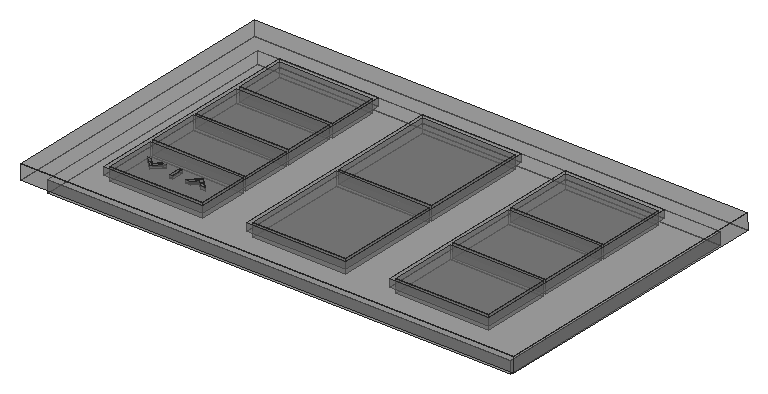
Revit family "Switch-Lutron-Palladiom_QS_Keypad_Control-Group_6 new", category Lighting Devices, host Face, Revit 2017
Family settings
  Host = Face
  Maintain Annotation Orientation = Yes
  Round Connector Dimension = Use Radius
  Part Type = Switch
  OmniClass Number = 23.85.80.11.27
  OmniClass Title = Lighting Controls
  Cut with Voids When Loaded = No
  Shared = No
  Room Calculation Point = No
Parameters (values of type "Not a Type - Load Type Catalog")
  White Backlighting = yes
  Warranty URL = "http://www.lutron.com/en-US/Service-Support/Pages/Service/Warranty/Warranty.aspx"
  Wallplate Style [instance] = if(and([(1) US Faceplate Style], Actual Button Column Quantity = 1), "1-Gang U.S. Style", if(and([(1) US Faceplate Style], Actual Button Column Quantity = 2), "2-Gang U.S. Style", if(and([(1) US Faceplate Style], Actual Button Column Quantity = 3), "3-Gang U.S. Style", if(and([(1) US Faceplate Style], Actual Button Column Quantity = 4), "4-Gang U.S. Style", if(and([(2) Square Faceplate Style], Actual Button Column Quantity = 1), "1-Column Square Style", if(and([(2) Square Faceplate Style], Actual Button Column Quantity = 2), "2-Column Square Style", if(and([(2) Square Faceplate Style], Actual Button Column Quantity = 3), "3-Column Square Style", if(and([(2) Square Faceplate Style], Actual Button Column Quantity = 4), "4-Column Square Style", "4-Column Square Style"))))))))  # "3-Column Square Style"
  Video Link = "https://www.youtube.com/user/LutronElectronicsInc"
  Version = "2017 - v2.0b"  # constant formula
  Type Comments = ""
  System Type Selection = 3
  Symbol Control Offset From Wall [instance] = Symbol Offset From Wall / Plan Scale  # 0' - 0"
  Support Phone = "(224) 699-9545"  # constant formula
  Support Email = "mailto: support@anguleris.com"
  Square 3 Column Plate Width = 0' - 6 9/32"
  Product Page URL = "http://www.lutron.com/en-US/Products/Pages/Components/PalladiomQSWallstations/Overview.aspx"
  Product Name = "QS Wired Palladiom Keypad"
  Product Documentation Link = "http://www.lutron.com/TechnicalDocumentLibrary/369857_ENG.pdf"
  Performance URL = "http://www.lutron.com/en-US/Service-Support/Pages/Technical/PerfomanceSpecs.aspx"
  No Engraving [instance] = not(Engraving)  # no
  Material Sequence Code = 3212
  Manufacturer Phone Number = "610-282-3800"  # constant formula
  Manufacturer Fax Number = "610-282-1243"  # constant formula
  Manufacturer Email = "mailto:support@lutron.com"
  Manufacturer Address = "7200 Suter Rd, Coopersburg, PA 18036"  # constant formula
  Keynote = ""
  Instruction Sheet Link = "http://www.lutron.com/TechnicalDocumentLibrary/041627.pdf"
  Finish Code = "CBL"
  Faceplate Style Selection = 2
  Faceplate Option [instance] = if(and(One = 1, [(1) US Faceplate Style]), "US Wallplate Style", if(and(One = 1, [(2) Square Faceplate Style]), "Square Wallplate Style", "No Wallplate Selected"))  # "Square Wallplate Style"
  Faceplate Model Number [instance] = if(and(Faceplate Style Selection = 1, Actual Button Column Quantity = 1), "Separate Faceplate Not Required", if(and(Faceplate Style Selection = 2, Actual Button Column Quantity = 1), "Separate Faceplate Not Required", if(and(Faceplate Style Selection = 2, Actual Button Column Quantity = 2), "Separate Faceplate Not Required", if(and(Faceplate Style Selection = 1, Actual Button Column Quantity = 2, Material Sequence Code = 3212), "LWT-U-PP-CBL", if(and(Faceplate Style Selection = 1, Actual Button Column Quantity = 3, Material Sequence Code = 3212), "LWT-U-PPP-CBL", if(and(Faceplate Style Selection = 1, Actual Button Column Quantity = 4, Material Sequence Code = 3212), "LWT-U-PPPP-CBL", if(and(Faceplate Style Selection = 1, Actual Button Column Quantity = 2, Material Sequence Code = 3238), "LWT-U-PP-CWH", if(and(Faceplate Style Selection = 1, Actual Button Column Quantity = 3, Material Sequence Code = 3238), "LWT-U-PPP-CWH", if(and(Faceplate Style Selection = 1, Actual Button Column Quantity = 4, Material Sequence Code = 3238), "LWT-U-PPPP-CWH", if(and(Faceplate Style Selection = 2, Actual Button Column Quantity = 3, Material Sequence Code = 3212), "LWT-S-PPP-CBL", if(and(Faceplate Style Selection = 2, Actual Button Column Quantity = 3, Material Sequence Code = 3238), "LWT-S-PPP-CWH", if(and(Faceplate Style Selection = 2, Actual Button Column Quantity = 4, Material Sequence Code = 3212), "LWT-S-PPPP-CBL", if(and(Faceplate Style Selection = 2, Actual Button Column Quantity = 4, Material Sequence Code = 3238), "LWT-S-PPPP-CWH", "N/A")))))))))))))  # "LWT-S-PPP-CBL"
  Faceplate Finish Material = Glass - Lutron - Black - Clear
  Engraving Desired [instance] = no
  Engraving [instance] = or(Engraving Desired, Actual Button Column Quantity > 1, System Type Selection = 2)  # yes
  Cost Info = "mailto:sales@lutron.com"
  Cost = 0
  Copyright = "© 2019 Lutron Electronics Co., Inc."  # constant formula
  Button Column 1 Device Visibility [instance] = and(Actual Button Column Quantity > 0, Device 1 Button Configuration Selection > 0, Device 1 Button Configuration Selection < 5)  # yes
  (3) HomeWorks QS = System Type Selection > 2  # yes
  (2) myRoom = System Type Selection = 2  # no
  (1) US Faceplate Style = Faceplate Style Selection < 2  # no
  US Plate Height = 0' - 4 179/256"
  US 4 Gang Plate Width = 0' - 8 51/128"
  US 3 Gang Plate Width = 0' - 6 77/128"
  US 2 Gang Plate Width = 0' - 4 205/256"
  US 1 Gang Plate Width = 0' - 2 115/128"
  URL = "http://www.lutron.com/"
  Symbol Offset From Wall [instance] = 0' - 0"
  (2) Square Faceplate Style = Faceplate Style Selection > 1  # yes
  Square Plate Height = 0' - 3 189/256"
  Square 4 Column Plate Width = 0' - 7 163/256"
  Square 2 Column Plate Width = 0' - 4 1/64"
  Square 1 Column Plate Width = 0' - 3 189/256"
  Series = "Palladiom"
  Faceplate Visibility = or([(1) US Faceplate Style], [(2) Square Faceplate Style])  # yes
  Plate Depth = 0' - 0 25/128"
  Plan Symbol Is Offset [instance] = not(Symbol Offset From Wall = 0' 0")  # no
  Plan Scale = 96
  Overall Width [instance] = Actual Plate Width  # 0' - 6 9/32"
  Overall Height [instance] = Actual Plate Height  # 0' - 3 189/256"
  Overall Depth [instance] = Device Recess Depth + Device Depth from Wall  # 0' - 0 91/128"
  One [instance] = 1  # constant formula
  (1) Quantum = System Type Selection < 2  # no
  Model = "See Device Model Numbers Below"  # constant formula
  Manufacturer = "Lutron Electronics Co., Inc"  # constant formula
  Gang Quantity [instance] = if(Faceplate Style Selection = 1, Actual Button Column Quantity, if(Faceplate Style Selection = 2, Actual Button Column Quantity, 2))  # 3
  Gang Quantity Availability [instance] = if(Gang Quantity < 1, "Gang Quantity Not Available_Defaulting to 1", if(Gang Quantity > 4, "Gang Quantity Not Available_Defaulting to 4", "Gang Quantity Available"))  # "Gang Quantity Available"
  Button Column 4 Device Visibility [instance] = and(Actual Button Column Quantity > 3, Device 4 Button Configuration Selection > 0, Device 4 Button Configuration Selection < 5)  # no
  Device 4 Offset [instance] = if(Actual Button Column Quantity > 3, Button Array Gap Width + Button Width, 0' 0")  # 0' - 0"
  Device 4 Model Number [instance] = if(and(System Type Selection < 2, Faceplate Style Selection < 2, Gang Quantity > 3, Device 4 Button Configuration Selection = 1, Material Sequence Code = 3212), "QWP-B-RW-CBL-E", if(and(System Type Selection < 2, Faceplate Style Selection < 2, Gang Quantity > 3, Device 4 Button Configuration Selection = 2, Material Sequence Code = 3212), "QWP-B-2W-CBL-E", if(and(System Type Selection < 2, Faceplate Style Selection < 2, Gang Quantity > 3, Device 4 Button Configuration Selection = 3, Material Sequence Code = 3212), "QWP-B-3W-CBL-E", if(and(System Type Selection < 2, Faceplate Style Selection < 2, Gang Quantity > 3, Device 4 Button Configuration Selection = 4, Material Sequence Code = 3212), "QWP-B-4W-CBL-E", if(and(System Type Selection < 2, Faceplate Style Selection < 2, Gang Quantity > 3, Device 4 Button Configuration Selection = 1, Material Sequence Code = 3238), "QWP-B-RW-CWH-E", if(and(System Type Selection < 2, Faceplate Style Selection < 2, Gang Quantity > 3, Device 4 Button Configuration Selection = 2, Material Sequence Code = 3238), "QWP-B-2W-CWH-E", if(and(System Type Selection < 2, Faceplate Style Selection < 2, Gang Quantity > 3, Device 4 Button Configuration Selection = 3, Material Sequence Code = 3238), "QWP-B-3W-CWH-E", if(and(System Type Selection < 2, Faceplate Style Selection < 2, Gang Quantity > 3, Device 4 Button Configuration Selection = 4, Material Sequence Code = 3238), "QWP-B-4W-CWH-E", if(and(System Type Selection = 2, Faceplate Style Selection < 2, Gang Quantity > 3, Device 4 Button Configuration Selection = 1, Material Sequence Code = 3212), "MWP-B-RW-CBL-E", if(and(System Type Selection = 2, Faceplate Style Selection < 2, Gang Quantity > 3, Device 4 Button Configuration Selection = 2, Material Sequence Code = 3212), "MWP-B-2W-CBL-E", if(and(System Type Selection = 2, Faceplate Style Selection < 2, Gang Quantity > 3, Device 4 Button Configuration Selection = 3, Material Sequence Code = 3212), "MWP-B-3W-CBL-E", if(and(System Type Selection = 2, Faceplate Style Selection < 2, Gang Quantity > 3, Device 4 Button Configuration Selection = 4, Material Sequence Code = 3212), "MWP-B-4W-CBL-E", if(and(System Type Selection = 2, Faceplate Style Selection < 2, Gang Quantity > 3, Device 4 Button Configuration Selection = 1, Material Sequence Code = 3238), "MWP-B-RW-CWH-E", if(and(System Type Selection = 2, Faceplate Style Selection < 2, Gang Quantity > 3, Device 4 Button Configuration Selection = 2, Material Sequence Code = 3238), "MWP-B-2W-CWH-E", if(and(System Type Selection = 2, Faceplate Style Selection < 2, Gang Quantity > 3, Device 4 Button Configuration Selection = 3, Material Sequence Code = 3238), "MWP-B-3W-CWH-E", if(and(System Type Selection = 2, Faceplate Style Selection < 2, Gang Quantity > 3, Device 4 Button Configuration Selection = 4, Material Sequence Code = 3238), "MWP-B-4W-CWH-E", if(and(System Type Selection > 2, Faceplate Style Selection < 2, Gang Quantity > 3, Device 4 Button Configuration Selection = 1, Material Sequence Code = 3212), "HQWT-B-PRW-CBL-E", if(and(System Type Selection > 2, Faceplate Style Selection < 2, Gang Quantity > 3, Device 4 Button Configuration Selection = 2, Material Sequence Code = 3212), "HQWT-B-P2W-CBL-E", if(and(System Type Selection > 2, Faceplate Style Selection < 2, Gang Quantity > 3, Device 4 Button Configuration Selection = 3, Material Sequence Code = 3212), "HQWT-B-P3W-CBL-E", if(and(System Type Selection > 2, Faceplate Style Selection < 2, Gang Quantity > 3, Device 4 Button Configuration Selection = 4, Material Sequence Code = 3212), "HQWT-B-P4W-CBL-E", if(and(System Type Selection > 2, Faceplate Style Selection < 2, Gang Quantity > 3, Device 4 Button Configuration Selection = 1, Material Sequence Code = 3238), "HQWT-B-PRW-CWH-E", if(and(System Type Selection > 2, Faceplate Style Selection < 2, Gang Quantity > 3, Device 4 Button Configuration Selection = 2, Material Sequence Code = 3238), "HQWT-B-P2W-CWH-E", if(and(System Type Selection > 2, Faceplate Style Selection < 2, Gang Quantity > 3, Device 4 Button Configuration Selection = 3, Material Sequence Code = 3238), "HQWT-B-P3W-CWH-E", if(and(System Type Selection > 2, Faceplate Style Selection < 2, Gang Quantity > 3, Device 4 Button Configuration Selection = 4, Material Sequence Code = 3238), "HQWT-B-P4W-CWH-E", if(and(System Type Selection < 2, Faceplate Style Selection > 1, Gang Quantity > 3, Device 4 Button Configuration Selection = 1, Material Sequence Code = 3212), "QWP-S-RW-CBL-E", if(and(System Type Selection < 2, Faceplate Style Selection > 1, Gang Quantity > 3, Device 4 Button Configuration Selection = 2, Material Sequence Code = 3212), "QWP-S-2W-CBL-E", if(and(System Type Selection < 2, Faceplate Style Selection > 1, Gang Quantity > 3, Device 4 Button Configuration Selection = 3, Material Sequence Code = 3212), "QWP-S-3W-CBL-E", if(and(System Type Selection < 2, Faceplate Style Selection > 1, Gang Quantity > 3, Device 4 Button Configuration Selection = 4, Material Sequence Code = 3212), "QWP-S-4W-CBL-E", if(and(System Type Selection < 2, Faceplate Style Selection > 1, Gang Quantity > 3, Device 4 Button Configuration Selection = 1, Material Sequence Code = 3238), "QWP-S-RW-CWH-E", if(and(System Type Selection < 2, Faceplate Style Selection > 1, Gang Quantity > 3, Device 4 Button Configuration Selection = 2, Material Sequence Code = 3238), "QWP-S-2W-CWH-E", if(and(System Type Selection < 2, Faceplate Style Selection > 1, Gang Quantity > 3, Device 4 Button Configuration Selection = 3, Material Sequence Code = 3238), "QWP-S-3W-CWH-E", if(and(System Type Selection < 2, Faceplate Style Selection > 1, Gang Quantity > 3, Device 4 Button Configuration Selection = 4, Material Sequence Code = 3238), "QWP-S-4W-CWH-E", if(and(System Type Selection = 2, Faceplate Style Selection > 1, Gang Quantity > 3, Device 4 Button Configuration Selection = 1, Material Sequence Code = 3212), "MWP-S-RW-CBL-E", if(and(System Type Selection = 2, Faceplate Style Selection > 1, Gang Quantity > 3, Device 4 Button Configuration Selection = 2, Material Sequence Code = 3212), "MWP-S-2W-CBL-E", if(and(System Type Selection = 2, Faceplate Style Selection > 1, Gang Quantity > 3, Device 4 Button Configuration Selection = 3, Material Sequence Code = 3212), "MWP-S-3W-CBL-E", if(and(System Type Selection = 2, Faceplate Style Selection > 1, Gang Quantity > 3, Device 4 Button Configuration Selection = 4, Material Sequence Code = 3212), "MWP-S-4W-CBL-E", if(and(System Type Selection = 2, Faceplate Style Selection > 1, Gang Quantity > 3, Device 4 Button Configuration Selection = 1, Material Sequence Code = 3238), "MWP-S-RW-CWH-E", if(and(System Type Selection = 2, Faceplate Style Selection > 1, Gang Quantity > 3, Device 4 Button Configuration Selection = 2, Material Sequence Code = 3238), "MWP-S-2W-CWH-E", if(and(System Type Selection = 2, Faceplate Style Selection > 1, Gang Quantity > 3, Device 4 Button Configuration Selection = 3, Material Sequence Code = 3238), "MWP-S-3W-CWH-E", if(and(System Type Selection = 2, Faceplate Style Selection > 1, Gang Quantity > 3, Device 4 Button Configuration Selection = 4, Material Sequence Code = 3238), "MWP-S-4W-CWH-E", if(and(System Type Selection > 2, Faceplate Style Selection > 1, Gang Quantity > 3, Device 4 Button Configuration Selection = 1, Material Sequence Code = 3212), "HQWT-S-PRW-CBL-E", if(and(System Type Selection > 2, Faceplate Style Selection > 1, Gang Quantity > 3, Device 4 Button Configuration Selection = 2, Material Sequence Code = 3212), "HQWT-S-P2W-CBL-E", if(and(System Type Selection > 2, Faceplate Style Selection > 1, Gang Quantity > 3, Device 4 Button Configuration Selection = 3, Material Sequence Code = 3212), "HQWT-S-P3W-CBL-E", if(and(System Type Selection > 2, Faceplate Style Selection > 1, Gang Quantity > 3, Device 4 Button Configuration Selection = 4, Material Sequence Code = 3212), "HQWT-S-P4W-CBL-E", if(and(System Type Selection > 2, Faceplate Style Selection > 1
    , Gang Quantity > 3, Device 4 Button Configuration Selection = 1, Material Sequence Code = 3238), "HQWT-S-PRW-CWH-E", if(and(System Type Selection > 2, Faceplate Style Selection > 1, Gang Quantity > 3, Device 4 Button Configuration Selection = 2, Material Sequence Code = 3238), "HQWT-S-P2W-CWH-E", if(and(System Type Selection > 2, Faceplate Style Selection > 1, Gang Quantity > 3, Device 4 Button Configuration Selection = 3, Material Sequence Code = 3238), "HQWT-S-P3W-CWH-E", if(and(System Type Selection > 2, Faceplate Style Selection > 1, Gang Quantity > 3, Device 4 Button Configuration Selection = 4, Material Sequence Code = 3238), "HQWT-S-P4W-CWH-E", "N/A"))))))))))))))))))))))))))))))))))))))))))))))))  # "N/A"
  Device 4 Configuration Selection [instance] = if(Actual Button Column Quantity < 4, "Device Not Available", if(Device 4 Button Configuration Selection = 1, "3 Buttons with Raise/Lower", if(Device 4 Button Configuration Selection = 2, "2 Buttons", if(Device 4 Button Configuration Selection = 3, "3 Buttons", if(Device 4 Button Configuration Selection = 4, "4 Buttons", "Button Quantity Not Available")))))  # "Device Not Available"
  Button Column 4 Button Selection = n_Button_Array IC : Standard
  Device 4 Button Configuration Selection [instance] = 4
  Button Column 3 Device Visibility [instance] = and(Actual Button Column Quantity > 2, Device 3 Button Configuration Selection > 0, Device 3 Button Configuration Selection < 5)  # yes
  Device 3 Offset [instance] = if(Actual Button Column Quantity < 2, 0' 0", if(Actual Button Column Quantity = 3, Button Array Gap Width + Button Width, (Button Array Gap Width + Button Width) / 2))  # 0' - 1 105/128"
  Device 3 Model Number [instance] = if(and(System Type Selection < 2, Faceplate Style Selection < 2, Gang Quantity > 2, Device 3 Button Configuration Selection = 1, Material Sequence Code = 3212), "QWP-B-RW-CBL-E", if(and(System Type Selection < 2, Faceplate Style Selection < 2, Gang Quantity > 2, Device 3 Button Configuration Selection = 2, Material Sequence Code = 3212), "QWP-B-2W-CBL-E", if(and(System Type Selection < 2, Faceplate Style Selection < 2, Gang Quantity > 2, Device 3 Button Configuration Selection = 3, Material Sequence Code = 3212), "QWP-B-3W-CBL-E", if(and(System Type Selection < 2, Faceplate Style Selection < 2, Gang Quantity > 2, Device 3 Button Configuration Selection = 4, Material Sequence Code = 3212), "QWP-B-4W-CBL-E", if(and(System Type Selection < 2, Faceplate Style Selection < 2, Gang Quantity > 2, Device 3 Button Configuration Selection = 1, Material Sequence Code = 3238), "QWP-B-RW-CWH-E", if(and(System Type Selection < 2, Faceplate Style Selection < 2, Gang Quantity > 2, Device 3 Button Configuration Selection = 2, Material Sequence Code = 3238), "QWP-B-2W-CWH-E", if(and(System Type Selection < 2, Faceplate Style Selection < 2, Gang Quantity > 2, Device 3 Button Configuration Selection = 3, Material Sequence Code = 3238), "QWP-B-3W-CWH-E", if(and(System Type Selection < 2, Faceplate Style Selection < 2, Gang Quantity > 2, Device 3 Button Configuration Selection = 4, Material Sequence Code = 3238), "QWP-B-4W-CWH-E", if(and(System Type Selection = 2, Faceplate Style Selection < 2, Gang Quantity > 2, Device 3 Button Configuration Selection = 1, Material Sequence Code = 3212), "MWP-B-RW-CBL-E", if(and(System Type Selection = 2, Faceplate Style Selection < 2, Gang Quantity > 2, Device 3 Button Configuration Selection = 2, Material Sequence Code = 3212), "MWP-B-2W-CBL-E", if(and(System Type Selection = 2, Faceplate Style Selection < 2, Gang Quantity > 2, Device 3 Button Configuration Selection = 3, Material Sequence Code = 3212), "MWP-B-3W-CBL-E", if(and(System Type Selection = 2, Faceplate Style Selection < 2, Gang Quantity > 2, Device 3 Button Configuration Selection = 4, Material Sequence Code = 3212), "MWP-B-4W-CBL-E", if(and(System Type Selection = 2, Faceplate Style Selection < 2, Gang Quantity > 2, Device 3 Button Configuration Selection = 1, Material Sequence Code = 3238), "MWP-B-RW-CWH-E", if(and(System Type Selection = 2, Faceplate Style Selection < 2, Gang Quantity > 2, Device 3 Button Configuration Selection = 2, Material Sequence Code = 3238), "MWP-B-2W-CWH-E", if(and(System Type Selection = 2, Faceplate Style Selection < 2, Gang Quantity > 2, Device 3 Button Configuration Selection = 3, Material Sequence Code = 3238), "MWP-B-3W-CWH-E", if(and(System Type Selection = 2, Faceplate Style Selection < 2, Gang Quantity > 2, Device 3 Button Configuration Selection = 4, Material Sequence Code = 3238), "MWP-B-4W-CWH-E", if(and(System Type Selection > 2, Faceplate Style Selection < 2, Gang Quantity > 2, Device 3 Button Configuration Selection = 1, Material Sequence Code = 3212), "HQWT-B-PRW-CBL-E", if(and(System Type Selection > 2, Faceplate Style Selection < 2, Gang Quantity > 2, Device 3 Button Configuration Selection = 2, Material Sequence Code = 3212), "HQWT-B-P2W-CBL-E", if(and(System Type Selection > 2, Faceplate Style Selection < 2, Gang Quantity > 2, Device 3 Button Configuration Selection = 3, Material Sequence Code = 3212), "HQWT-B-P3W-CBL-E", if(and(System Type Selection > 2, Faceplate Style Selection < 2, Gang Quantity > 2, Device 3 Button Configuration Selection = 4, Material Sequence Code = 3212), "HQWT-B-P4W-CBL-E", if(and(System Type Selection > 2, Faceplate Style Selection < 2, Gang Quantity > 2, Device 3 Button Configuration Selection = 1, Material Sequence Code = 3238), "HQWT-B-PRW-CWH-E", if(and(System Type Selection > 2, Faceplate Style Selection < 2, Gang Quantity > 2, Device 3 Button Configuration Selection = 2, Material Sequence Code = 3238), "HQWT-B-P2W-CWH-E", if(and(System Type Selection > 2, Faceplate Style Selection < 2, Gang Quantity > 2, Device 3 Button Configuration Selection = 3, Material Sequence Code = 3238), "HQWT-B-P3W-CWH-E", if(and(System Type Selection > 2, Faceplate Style Selection < 2, Gang Quantity > 2, Device 3 Button Configuration Selection = 4, Material Sequence Code = 3238), "HQWT-B-P4W-CWH-E", if(and(System Type Selection < 2, Faceplate Style Selection > 1, Gang Quantity > 2, Device 3 Button Configuration Selection = 1, Material Sequence Code = 3212), "QWP-S-RW-CBL-E", if(and(System Type Selection < 2, Faceplate Style Selection > 1, Gang Quantity > 2, Device 3 Button Configuration Selection = 2, Material Sequence Code = 3212), "QWP-S-2W-CBL-E", if(and(System Type Selection < 2, Faceplate Style Selection > 1, Gang Quantity > 2, Device 3 Button Configuration Selection = 3, Material Sequence Code = 3212), "QWP-S-3W-CBL-E", if(and(System Type Selection < 2, Faceplate Style Selection > 1, Gang Quantity > 2, Device 3 Button Configuration Selection = 4, Material Sequence Code = 3212), "QWP-S-4W-CBL-E", if(and(System Type Selection < 2, Faceplate Style Selection > 1, Gang Quantity > 2, Device 3 Button Configuration Selection = 1, Material Sequence Code = 3238), "QWP-S-RW-CWH-E", if(and(System Type Selection < 2, Faceplate Style Selection > 1, Gang Quantity > 2, Device 3 Button Configuration Selection = 2, Material Sequence Code = 3238), "QWP-S-2W-CWH-E", if(and(System Type Selection < 2, Faceplate Style Selection > 1, Gang Quantity > 2, Device 3 Button Configuration Selection = 3, Material Sequence Code = 3238), "QWP-S-3W-CWH-E", if(and(System Type Selection < 2, Faceplate Style Selection > 1, Gang Quantity > 2, Device 3 Button Configuration Selection = 4, Material Sequence Code = 3238), "QWP-S-4W-CWH-E", if(and(System Type Selection = 2, Faceplate Style Selection > 1, Gang Quantity > 2, Device 3 Button Configuration Selection = 1, Material Sequence Code = 3212), "MWP-S-RW-CBL-E", if(and(System Type Selection = 2, Faceplate Style Selection > 1, Gang Quantity > 2, Device 3 Button Configuration Selection = 2, Material Sequence Code = 3212), "MWP-S-2W-CBL-E", if(and(System Type Selection = 2, Faceplate Style Selection > 1, Gang Quantity > 2, Device 3 Button Configuration Selection = 3, Material Sequence Code = 3212), "MWP-S-3W-CBL-E", if(and(System Type Selection = 2, Faceplate Style Selection > 1, Gang Quantity > 2, Device 3 Button Configuration Selection = 4, Material Sequence Code = 3212), "MWP-S-4W-CBL-E", if(and(System Type Selection = 2, Faceplate Style Selection > 1, Gang Quantity > 2, Device 3 Button Configuration Selection = 1, Material Sequence Code = 3238), "MWP-S-RW-CWH-E", if(and(System Type Selection = 2, Faceplate Style Selection > 1, Gang Quantity > 2, Device 3 Button Configuration Selection = 2, Material Sequence Code = 3238), "MWP-S-2W-CWH-E", if(and(System Type Selection = 2, Faceplate Style Selection > 1, Gang Quantity > 2, Device 3 Button Configuration Selection = 3, Material Sequence Code = 3238), "MWP-S-3W-CWH-E", if(and(System Type Selection = 2, Faceplate Style Selection > 1, Gang Quantity > 2, Device 3 Button Configuration Selection = 4, Material Sequence Code = 3238), "MWP-S-4W-CWH-E", if(and(System Type Selection > 2, Faceplate Style Selection > 1, Gang Quantity > 2, Device 3 Button Configuration Selection = 1, Material Sequence Code = 3212), "HQWT-S-PRW-CBL-E", if(and(System Type Selection > 2, Faceplate Style Selection > 1, Gang Quantity > 2, Device 3 Button Configuration Selection = 2, Material Sequence Code = 3212), "HQWT-S-P2W-CBL-E", if(and(System Type Selection > 2, Faceplate Style Selection > 1, Gang Quantity > 2, Device 3 Button Configuration Selection = 3, Material Sequence Code = 3212), "HQWT-S-P3W-CBL-E", if(and(System Type Selection > 2, Faceplate Style Selection > 1, Gang Quantity > 2, Device 3 Button Configuration Selection = 4, Material Sequence Code = 3212), "HQWT-S-P4W-CBL-E", if(and(System Type Selection > 2, Faceplate Style Selection > 1
    , Gang Quantity > 2, Device 3 Button Configuration Selection = 1, Material Sequence Code = 3238), "HQWT-S-PRW-CWH-E", if(and(System Type Selection > 2, Faceplate Style Selection > 1, Gang Quantity > 2, Device 3 Button Configuration Selection = 2, Material Sequence Code = 3238), "HQWT-S-P2W-CWH-E", if(and(System Type Selection > 2, Faceplate Style Selection > 1, Gang Quantity > 2, Device 3 Button Configuration Selection = 3, Material Sequence Code = 3238), "HQWT-S-P3W-CWH-E", if(and(System Type Selection > 2, Faceplate Style Selection > 1, Gang Quantity > 2, Device 3 Button Configuration Selection = 4, Material Sequence Code = 3238), "HQWT-S-P4W-CWH-E", "N/A"))))))))))))))))))))))))))))))))))))))))))))))))  # "HQWT-S-P3W-CBL-E"
  Device 3 Configuration Selection [instance] = if(Actual Button Column Quantity < 3, "Device Not Available", if(Device 3 Button Configuration Selection = 1, "3 Buttons with Raise/Lower", if(Device 3 Button Configuration Selection = 2, "2 Buttons", if(Device 3 Button Configuration Selection = 3, "3 Buttons", if(Device 3 Button Configuration Selection = 4, "4 Buttons", "Button Quantity Not Available")))))  # "3 Buttons"
  Button Column 3 Button Selection = n_Button_Array IC : Standard
  Device 3 Button Configuration Selection [instance] = 3
  Button Column 2 Device Visibility [instance] = and(Actual Button Column Quantity > 1, Device 2 Button Configuration Selection > 0, Device 2 Button Configuration Selection < 5)  # yes
  Device 2 Offset [instance] = if(Actual Button Column Quantity < 2, 0' 0", Button Array Gap Width + Button Width)  # 0' - 1 105/128"
  Device 2 Model Number [instance] = if(and(System Type Selection < 2, Faceplate Style Selection < 2, Gang Quantity > 1, Device 2 Button Configuration Selection = 1, Material Sequence Code = 3212), "QWP-B-RW-CBL-E", if(and(System Type Selection < 2, Faceplate Style Selection < 2, Gang Quantity > 1, Device 2 Button Configuration Selection = 2, Material Sequence Code = 3212), "QWP-B-2W-CBL-E", if(and(System Type Selection < 2, Faceplate Style Selection < 2, Gang Quantity > 1, Device 2 Button Configuration Selection = 3, Material Sequence Code = 3212), "QWP-B-3W-CBL-E", if(and(System Type Selection < 2, Faceplate Style Selection < 2, Gang Quantity > 1, Device 2 Button Configuration Selection = 4, Material Sequence Code = 3212), "QWP-B-4W-CBL-E", if(and(System Type Selection < 2, Faceplate Style Selection < 2, Gang Quantity > 1, Device 2 Button Configuration Selection = 1, Material Sequence Code = 3238), "QWP-B-RW-CWH-E", if(and(System Type Selection < 2, Faceplate Style Selection < 2, Gang Quantity > 1, Device 2 Button Configuration Selection = 2, Material Sequence Code = 3238), "QWP-B-2W-CWH-E", if(and(System Type Selection < 2, Faceplate Style Selection < 2, Gang Quantity > 1, Device 2 Button Configuration Selection = 3, Material Sequence Code = 3238), "QWP-B-3W-CWH-E", if(and(System Type Selection < 2, Faceplate Style Selection < 2, Gang Quantity > 1, Device 2 Button Configuration Selection = 4, Material Sequence Code = 3238), "QWP-B-4W-CWH-E", if(and(System Type Selection = 2, Faceplate Style Selection < 2, Gang Quantity > 1, Device 2 Button Configuration Selection = 1, Material Sequence Code = 3212), "MWP-B-RW-CBL-E", if(and(System Type Selection = 2, Faceplate Style Selection < 2, Gang Quantity > 1, Device 2 Button Configuration Selection = 2, Material Sequence Code = 3212), "MWP-B-2W-CBL-E", if(and(System Type Selection = 2, Faceplate Style Selection < 2, Gang Quantity > 1, Device 2 Button Configuration Selection = 3, Material Sequence Code = 3212), "MWP-B-3W-CBL-E", if(and(System Type Selection = 2, Faceplate Style Selection < 2, Gang Quantity > 1, Device 2 Button Configuration Selection = 4, Material Sequence Code = 3212), "MWP-B-4W-CBL-E", if(and(System Type Selection = 2, Faceplate Style Selection < 2, Gang Quantity > 1, Device 2 Button Configuration Selection = 1, Material Sequence Code = 3238), "MWP-B-RW-CWH-E", if(and(System Type Selection = 2, Faceplate Style Selection < 2, Gang Quantity > 1, Device 2 Button Configuration Selection = 2, Material Sequence Code = 3238), "MWP-B-2W-CWH-E", if(and(System Type Selection = 2, Faceplate Style Selection < 2, Gang Quantity > 1, Device 2 Button Configuration Selection = 3, Material Sequence Code = 3238), "MWP-B-3W-CWH-E", if(and(System Type Selection = 2, Faceplate Style Selection < 2, Gang Quantity > 1, Device 2 Button Configuration Selection = 4, Material Sequence Code = 3238), "MWP-B-4W-CWH-E", if(and(System Type Selection > 2, Faceplate Style Selection < 2, Gang Quantity > 1, Device 2 Button Configuration Selection = 1, Material Sequence Code = 3212), "HQWT-B-PRW-CBL-E", if(and(System Type Selection > 2, Faceplate Style Selection < 2, Gang Quantity > 1, Device 2 Button Configuration Selection = 2, Material Sequence Code = 3212), "HQWT-B-P2W-CBL-E", if(and(System Type Selection > 2, Faceplate Style Selection < 2, Gang Quantity > 1, Device 2 Button Configuration Selection = 3, Material Sequence Code = 3212), "HQWT-B-P3W-CBL-E", if(and(System Type Selection > 2, Faceplate Style Selection < 2, Gang Quantity > 1, Device 2 Button Configuration Selection = 4, Material Sequence Code = 3212), "HQWT-B-P4W-CBL-E", if(and(System Type Selection > 2, Faceplate Style Selection < 2, Gang Quantity > 1, Device 2 Button Configuration Selection = 1, Material Sequence Code = 3238), "HQWT-B-PRW-CWH-E", if(and(System Type Selection > 2, Faceplate Style Selection < 2, Gang Quantity > 1, Device 2 Button Configuration Selection = 2, Material Sequence Code = 3238), "HQWT-B-P2W-CWH-E", if(and(System Type Selection > 2, Faceplate Style Selection < 2, Gang Quantity > 1, Device 2 Button Configuration Selection = 3, Material Sequence Code = 3238), "HQWT-B-P3W-CWH-E", if(and(System Type Selection > 2, Faceplate Style Selection < 2, Gang Quantity > 1, Device 2 Button Configuration Selection = 4, Material Sequence Code = 3238), "HQWT-B-P4W-CWH-E", if(and(System Type Selection < 2, Faceplate Style Selection > 1, Actual Button Column Quantity > 2, Device 3 Button Configuration Selection = 1, Device 4 Button Configuration Selection = 1, Material Sequence Code = 3212), "QWP-S-RRW-CBL-E", if(and(System Type Selection < 2, Faceplate Style Selection > 1, Actual Button Column Quantity > 2, Device 3 Button Configuration Selection = 2, Device 4 Button Configuration Selection = 1, Material Sequence Code = 3212), "QWP-S-2RW-CBL-E", if(and(System Type Selection < 2, Faceplate Style Selection > 1, Actual Button Column Quantity > 2, Device 3 Button Configuration Selection = 3, Device 4 Button Configuration Selection = 1, Material Sequence Code = 3212), "QWP-S-3RW-CBL-E", if(and(System Type Selection < 2, Faceplate Style Selection > 1, Actual Button Column Quantity > 2, Device 3 Button Configuration Selection = 4, Device 4 Button Configuration Selection = 1, Material Sequence Code = 3212), "QWP-S-4RW-CBL-E", if(and(System Type Selection < 2, Faceplate Style Selection > 1, Actual Button Column Quantity > 2, Device 3 Button Configuration Selection = 1, Device 4 Button Configuration Selection = 2, Material Sequence Code = 3212), "QWP-S-R2W-CBL-E", if(and(System Type Selection < 2, Faceplate Style Selection > 1, Actual Button Column Quantity > 2, Device 3 Button Configuration Selection = 2, Device 4 Button Configuration Selection = 2, Material Sequence Code = 3212), "QWP-S-22W-CBL-E", if(and(System Type Selection < 2, Faceplate Style Selection > 1, Actual Button Column Quantity > 2, Device 3 Button Configuration Selection = 3, Device 4 Button Configuration Selection = 2, Material Sequence Code = 3212), "QWP-S-32W-CBL-E", if(and(System Type Selection < 2, Faceplate Style Selection > 1, Actual Button Column Quantity > 2, Device 3 Button Configuration Selection = 4, Device 4 Button Configuration Selection = 2, Material Sequence Code = 3212), "QWP-S-42W-CBL-E", if(and(System Type Selection < 2, Faceplate Style Selection > 1, Actual Button Column Quantity > 2, Device 3 Button Configuration Selection = 1, Device 4 Button Configuration Selection = 3, Material Sequence Code = 3212), "QWP-S-R3W-CBL-E", if(and(System Type Selection < 2, Faceplate Style Selection > 1, Actual Button Column Quantity > 2, Device 3 Button Configuration Selection = 2, Device 4 Button Configuration Selection = 3, Material Sequence Code = 3212), "QWP-S-23W-CBL-E", if(and(System Type Selection < 2, Faceplate Style Selection > 1, Actual Button Column Quantity > 2, Device 3 Button Configuration Selection = 3, Device 4 Button Configuration Selection = 3, Material Sequence Code = 3212), "QWP-S-33W-CBL-E", if(and(System Type Selection < 2, Faceplate Style Selection > 1, Actual Button Column Quantity > 2, Device 3 Button Configuration Selection = 4, Device 4 Button Configuration Selection = 3, Material Sequence Code = 3212), "QWP-S-43W-CBL-E", if(and(System Type Selection < 2, Faceplate Style Selection > 1, Actual Button Column Quantity > 2, Device 3 Button Configuration Selection = 1, Device 4 Button Configuration Selection = 4, Material Sequence Code = 3212), "QWP-S-R4W-CBL-E", if(and(System Type Selection < 2, Faceplate Style Selection > 1, Actual Button Column Quantity > 2, Device 3 Button Configuration Selection = 2, Device 4 Button Configuration Selection = 4, Material Sequence Code = 3212), "QWP-S-24W-CBL-E", if(and(System Type Selection < 2, Faceplate Style Selection > 1, Actual Button Column Quantity > 2, Device 3 Button Configuration Selection = 3, Device 4 Button Configuration Selection = 4, Material Sequence Code = 3212), "QWP-S-34W-CBL-E", if(and(System Type Selection < 2, Fa
    ceplate Style Selection > 1, Actual Button Column Quantity > 2, Device 3 Button Configuration Selection = 4, Device 4 Button Configuration Selection = 4, Material Sequence Code = 3212), "QWP-S-44W-CBL-E", if(and(System Type Selection < 2, Faceplate Style Selection > 1, Actual Button Column Quantity > 2, Device 3 Button Configuration Selection = 1, Device 4 Button Configuration Selection = 1, Material Sequence Code = 3238), "QWP-S-RRW-CWH-E", if(and(System Type Selection < 2, Faceplate Style Selection > 1, Actual Button Column Quantity > 2, Device 3 Button Configuration Selection = 2, Device 4 Button Configuration Selection = 1, Material Sequence Code = 3238), "QWP-S-2RW-CWH-E", if(and(System Type Selection < 2, Faceplate Style Selection > 1, Actual Button Column Quantity > 2, Device 3 Button Configuration Selection = 3, Device 4 Button Configuration Selection = 1, Material Sequence Code = 3238), "QWP-S-3RW-CWH-E", if(and(System Type Selection < 2, Faceplate Style Selection > 1, Actual Button Column Quantity > 2, Device 3 Button Configuration Selection = 4, Device 4 Button Configuration Selection = 1, Material Sequence Code = 3238), "QWP-S-4RW-CWH-E", if(and(System Type Selection < 2, Faceplate Style Selection > 1, Actual Button Column Quantity > 2, Device 3 Button Configuration Selection = 1, Device 4 Button Configuration Selection = 2, Material Sequence Code = 3238), "QWP-S-R2W-CWH-E", if(and(System Type Selection < 2, Faceplate Style Selection > 1, Actual Button Column Quantity > 2, Device 3 Button Configuration Selection = 2, Device 4 Button Configuration Selection = 2, Material Sequence Code = 3238), "QWP-S-22W-CWH-E", if(and(System Type Selection < 2, Faceplate Style Selection > 1, Actual Button Column Quantity > 2, Device 3 Button Configuration Selection = 3, Device 4 Button Configuration Selection = 2, Material Sequence Code = 3238), "QWP-S-32W-CWH-E", if(and(System Type Selection < 2, Faceplate Style Selection > 1, Actual Button Column Quantity > 2, Device 3 Button Configuration Selection = 4, Device 4 Button Configuration Selection = 2, Material Sequence Code = 3238), "QWP-S-42W-CWH-E", if(and(System Type Selection < 2, Faceplate Style Selection > 1, Actual Button Column Quantity > 2, Device 3 Button Configuration Selection = 1, Device 4 Button Configuration Selection = 3, Material Sequence Code = 3238), "QWP-S-R3W-CWH-E", if(and(System Type Selection < 2, Faceplate Style Selection > 1, Actual Button Column Quantity > 2, Device 3 Button Configuration Selection = 2, Device 4 Button Configuration Selection = 3, Material Sequence Code = 3238), "QWP-S-23W-CWH-E", if(and(System Type Selection < 2, Faceplate Style Selection > 1, Actual Button Column Quantity > 2, Device 3 Button Configuration Selection = 3, Device 4 Button Configuration Selection = 3, Material Sequence Code = 3238), "QWP-S-33W-CWH-E", if(and(System Type Selection < 2, Faceplate Style Selection > 1, Actual Button Column Quantity > 2, Device 3 Button Configuration Selection = 4, Device 4 Button Configuration Selection = 3, Material Sequence Code = 3238), "QWP-S-43W-CWH-E", if(and(System Type Selection < 2, Faceplate Style Selection > 1, Actual Button Column Quantity > 2, Device 3 Button Configuration Selection = 1, Device 4 Button Configuration Selection = 4, Material Sequence Code = 3238), "QWP-S-R4W-CWH-E", if(and(System Type Selection < 2, Faceplate Style Selection > 1, Actual Button Column Quantity > 2, Device 3 Button Configuration Selection = 2, Device 4 Button Configuration Selection = 4, Material Sequence Code = 3238), "QWP-S-24W-CWH-E", if(and(System Type Selection < 2, Faceplate Style Selection > 1, Actual Button Column Quantity > 2, Device 3 Button Configuration Selection = 3, Device 4 Button Configuration Selection = 4, Material Sequence Code = 3238), "QWP-S-34W-CWH-E", if(and(System Type Selection < 2, Faceplate Style Selection > 1, Actual Button Column Quantity > 2, Device 3 Button Configuration Selection = 4, Device 4 Button Configuration Selection = 4, Material Sequence Code = 3238), "QWP-S-44W-CWH-E", if(and(System Type Selection = 2, Faceplate Style Selection > 1, Actual Button Column Quantity > 2, Device 3 Button Configuration Selection = 1, Device 4 Button Configuration Selection = 1, Material Sequence Code = 3212), "MWP-B-RRW-CBL-E", if(and(System Type Selection = 2, Faceplate Style Selection > 1, Actual Button Column Quantity > 2, Device 3 Button Configuration Selection = 2, Device 4 Button Configuration Selection = 1, Material Sequence Code = 3212), "MWP-B-2RW-CBL-E", if(and(System Type Selection = 2, Faceplate Style Selection > 1, Actual Button Column Quantity > 2, Device 3 Button Configuration Selection = 3, Device 4 Button Configuration Selection = 1, Material Sequence Code = 3212), "MWP-B-3RW-CBL-E", if(and(System Type Selection = 2, Faceplate Style Selection > 1, Actual Button Column Quantity > 2, Device 3 Button Configuration Selection = 4, Device 4 Button Configuration Selection = 1, Material Sequence Code = 3212), "MWP-B-4RW-CBL-E", if(and(System Type Selection = 2, Faceplate Style Selection > 1, Actual Button Column Quantity > 2, Device 3 Button Configuration Selection = 1, Device 4 Button Configuration Selection = 2, Material Sequence Code = 3212), "MWP-B-R2W-CBL-E", if(and(System Type Selection = 2, Faceplate Style Selection > 1, Actual Button Column Quantity > 2, Device 3 Button Configuration Selection = 2, Device 4 Button Configuration Selection = 2, Material Sequence Code = 3212), "MWP-B-22W-CBL-E", if(and(System Type Selection = 2, Faceplate Style Selection > 1, Actual Button Column Quantity > 2, Device 3 Button Configuration Selection = 3, Device 4 Button Configuration Selection = 2, Material Sequence Code = 3212), "MWP-B-32W-CBL-E", if(and(System Type Selection = 2, Faceplate Style Selection > 1, Actual Button Column Quantity > 2, Device 3 Button Configuration Selection = 4, Device 4 Button Configuration Selection = 2, Material Sequence Code = 3212), "MWP-B-42W-CBL-E", if(and(System Type Selection = 2, Faceplate Style Selection > 1, Actual Button Column Quantity > 2, Device 3 Button Configuration Selection = 1, Device 4 Button Configuration Selection = 3, Material Sequence Code = 3212), "MWP-B-R3W-CBL-E", if(and(System Type Selection = 2, Faceplate Style Selection > 1, Actual Button Column Quantity > 2, Device 3 Button Configuration Selection = 2, Device 4 Button Configuration Selection = 3, Material Sequence Code = 3212), "MWP-B-23W-CBL-E", if(and(System Type Selection = 2, Faceplate Style Selection > 1, Actual Button Column Quantity > 2, Device 3 Button Configuration Selection = 3, Device 4 Button Configuration Selection = 3, Material Sequence Code = 3212), "MWP-B-33W-CBL-E", if(and(System Type Selection = 2, Faceplate Style Selection > 1, Actual Button Column Quantity > 2, Device 3 Button Configuration Selection = 4, Device 4 Button Configuration Selection = 3, Material Sequence Code = 3212), "MWP-B-43W-CBL-E", if(and(System Type Selection = 2, Faceplate Style Selection > 1, Actual Button Column Quantity > 2, Device 3 Button Configuration Selection = 1, Device 4 Button Configuration Selection = 4, Material Sequence Code = 3212), "MWP-B-R4W-CBL-E", if(and(System Type Selection = 2, Faceplate Style Selection > 1, Actual Button Column Quantity > 2, Device 3 Button Configuration Selection = 2, Device 4 Button Configuration Selection = 4, Material Sequence Code = 3212), "MWP-B-24W-CBL-E", if(and(System Type Selection = 2, Faceplate Style Selection > 1, Actual Button Column Quantity > 2, Device 3 Button Configuration Selection = 3, Device 4 Button Configuration Selection = 4, Material Sequence Code = 3212), "MWP-B-34W-CBL-E", if(and(System Type Selection = 2, Faceplate Style Selection > 1, Actual Button Column Quantity > 2, Device 3 Button Configuration Selection = 4, Device 4 Button Configuration Selection = 4, Material Sequence Code = 3212), "MWP-B-44W-CBL-E", if(and(System Type Selection = 2, Faceplate Style Selection > 1, Actual Button Colu
    mn Quantity > 2, Device 3 Button Configuration Selection = 1, Device 4 Button Configuration Selection = 1, Material Sequence Code = 3238), "MWP-B-RRW-CWH-E", if(and(System Type Selection = 2, Faceplate Style Selection > 1, Actual Button Column Quantity > 2, Device 3 Button Configuration Selection = 2, Device 4 Button Configuration Selection = 1, Material Sequence Code = 3238), "MWP-B-2RW-CWH-E", if(and(System Type Selection = 2, Faceplate Style Selection > 1, Actual Button Column Quantity > 2, Device 3 Button Configuration Selection = 3, Device 4 Button Configuration Selection = 1, Material Sequence Code = 3238), "MWP-B-3RW-CWH-E", if(and(System Type Selection = 2, Faceplate Style Selection > 1, Actual Button Column Quantity > 2, Device 3 Button Configuration Selection = 4, Device 4 Button Configuration Selection = 1, Material Sequence Code = 3238), "MWP-B-4RW-CWH-E", if(and(System Type Selection = 2, Faceplate Style Selection > 1, Actual Button Column Quantity > 2, Device 3 Button Configuration Selection = 1, Device 4 Button Configuration Selection = 2, Material Sequence Code = 3238), "MWP-B-R2W-CWH-E", if(and(System Type Selection = 2, Faceplate Style Selection > 1, Actual Button Column Quantity > 2, Device 3 Button Configuration Selection = 2, Device 4 Button Configuration Selection = 2, Material Sequence Code = 3238), "MWP-B-22W-CWH-E", if(and(System Type Selection = 2, Faceplate Style Selection > 1, Actual Button Column Quantity > 2, Device 3 Button Configuration Selection = 3, Device 4 Button Configuration Selection = 2, Material Sequence Code = 3238), "MWP-B-32W-CWH-E", if(and(System Type Selection = 2, Faceplate Style Selection > 1, Actual Button Column Quantity > 2, Device 3 Button Configuration Selection = 4, Device 4 Button Configuration Selection = 2, Material Sequence Code = 3238), "MWP-B-42W-CWH-E", if(and(System Type Selection = 2, Faceplate Style Selection > 1, Actual Button Column Quantity > 2, Device 3 Button Configuration Selection = 1, Device 4 Button Configuration Selection = 3, Material Sequence Code = 3238), "MWP-B-R3W-CWH-E", if(and(System Type Selection = 2, Faceplate Style Selection > 1, Actual Button Column Quantity > 2, Device 3 Button Configuration Selection = 2, Device 4 Button Configuration Selection = 3, Material Sequence Code = 3238), "MWP-B-23W-CWH-E", if(and(System Type Selection = 2, Faceplate Style Selection > 1, Actual Button Column Quantity > 2, Device 3 Button Configuration Selection = 3, Device 4 Button Configuration Selection = 3, Material Sequence Code = 3238), "MWP-B-33W-CWH-E", if(and(System Type Selection = 2, Faceplate Style Selection > 1, Actual Button Column Quantity > 2, Device 3 Button Configuration Selection = 4, Device 4 Button Configuration Selection = 3, Material Sequence Code = 3238), "MWP-B-43W-CWH-E", if(and(System Type Selection = 2, Faceplate Style Selection > 1, Actual Button Column Quantity > 2, Device 3 Button Configuration Selection = 1, Device 4 Button Configuration Selection = 4, Material Sequence Code = 3238), "MWP-B-R4W-CWH-E", if(and(System Type Selection = 2, Faceplate Style Selection > 1, Actual Button Column Quantity > 2, Device 3 Button Configuration Selection = 2, Device 4 Button Configuration Selection = 4, Material Sequence Code = 3238), "MWP-B-24W-CWH-E", if(and(System Type Selection = 2, Faceplate Style Selection > 1, Actual Button Column Quantity > 2, Device 3 Button Configuration Selection = 3, Device 4 Button Configuration Selection = 4, Material Sequence Code = 3238), "MWP-B-34W-CWH-E", if(and(System Type Selection = 2, Faceplate Style Selection > 1, Actual Button Column Quantity > 2, Device 3 Button Configuration Selection = 4, Device 4 Button Configuration Selection = 4, Material Sequence Code = 3238), "MWP-B-44W-CWH-E", if(and(System Type Selection > 2, Faceplate Style Selection > 1, Actual Button Column Quantity > 2, Device 3 Button Configuration Selection = 1, Device 4 Button Configuration Selection = 1, Material Sequence Code = 3212), "HQWT-B-PRRW-CBL-E", if(and(System Type Selection > 2, Faceplate Style Selection > 1, Actual Button Column Quantity > 2, Device 3 Button Configuration Selection = 2, Device 4 Button Configuration Selection = 1, Material Sequence Code = 3212), "HQWT-B-P2RW-CBL-E", if(and(System Type Selection > 2, Faceplate Style Selection > 1, Actual Button Column Quantity > 2, Device 3 Button Configuration Selection = 3, Device 4 Button Configuration Selection = 1, Material Sequence Code = 3212), "HQWT-B-P3RW-CBL-E", if(and(System Type Selection > 2, Faceplate Style Selection > 1, Actual Button Column Quantity > 2, Device 3 Button Configuration Selection = 4, Device 4 Button Configuration Selection = 1, Material Sequence Code = 3212), "HQWT-B-P4RW-CBL-E", if(and(System Type Selection > 2, Faceplate Style Selection > 1, Actual Button Column Quantity > 2, Device 3 Button Configuration Selection = 1, Device 4 Button Configuration Selection = 2, Material Sequence Code = 3212), "HQWT-B-PR2W-CBL-E", if(and(System Type Selection > 2, Faceplate Style Selection > 1, Actual Button Column Quantity > 2, Device 3 Button Configuration Selection = 2, Device 4 Button Configuration Selection = 2, Material Sequence Code = 3212), "HQWT-B-P22W-CBL-E", if(and(System Type Selection > 2, Faceplate Style Selection > 1, Actual Button Column Quantity > 2, Device 3 Button Configuration Selection = 3, Device 4 Button Configuration Selection = 2, Material Sequence Code = 3212), "HQWT-B-P32W-CBL-E", if(and(System Type Selection > 2, Faceplate Style Selection > 1, Actual Button Column Quantity > 2, Device 3 Button Configuration Selection = 4, Device 4 Button Configuration Selection = 2, Material Sequence Code = 3212), "HQWT-B-P42W-CBL-E", if(and(System Type Selection > 2, Faceplate Style Selection > 1, Actual Button Column Quantity > 2, Device 3 Button Configuration Selection = 1, Device 4 Button Configuration Selection = 3, Material Sequence Code = 3212), "HQWT-B-PR3W-CBL-E", if(and(System Type Selection > 2, Faceplate Style Selection > 1, Actual Button Column Quantity > 2, Device 3 Button Configuration Selection = 2, Device 4 Button Configuration Selection = 3, Material Sequence Code = 3212), "HQWT-B-P23W-CBL-E", if(and(System Type Selection > 2, Faceplate Style Selection > 1, Actual Button Column Quantity > 2, Device 3 Button Configuration Selection = 3, Device 4 Button Configuration Selection = 3, Material Sequence Code = 3212), "HQWT-B-P33W-CBL-E", if(and(System Type Selection > 2, Faceplate Style Selection > 1, Actual Button Column Quantity > 2, Device 3 Button Configuration Selection = 4, Device 4 Button Configuration Selection = 3, Material Sequence Code = 3212), "HQWT-B-P43W-CBL-E", if(and(System Type Selection > 2, Faceplate Style Selection > 1, Actual Button Column Quantity > 2, Device 3 Button Configuration Selection = 1, Device 4 Button Configuration Selection = 4, Material Sequence Code = 3212), "HQWT-B-PR4W-CBL-E", if(and(System Type Selection > 2, Faceplate Style Selection > 1, Actual Button Column Quantity > 2, Device 3 Button Configuration Selection = 2, Device 4 Button Configuration Selection = 4, Material Sequence Code = 3212), "HQWT-B-P24W-CBL-E", if(and(System Type Selection > 2, Faceplate Style Selection > 1, Actual Button Column Quantity > 2, Device 3 Button Configuration Selection = 3, Device 4 Button Configuration Selection = 4, Material Sequence Code = 3212), "HQWT-B-P34W-CBL-E", if(and(System Type Selection > 2, Faceplate Style Selection > 1, Actual Button Column Quantity > 2, Device 3 Button Configuration Selection = 4, Device 4 Button Configuration Selection = 4, Material Sequence Code = 3212), "HQWT-B-P44W-CBL-E", if(and(System Type Selection > 2, Faceplate Style Selection > 1, Actual Button Column Quantity > 2, Device 3 Button Configuration Selection = 1, Device 4 Button Configuration Selection = 1, Material Sequence Code = 3238), "HQWT-B-PRRW-CWH-E", if(and(System Type Selection > 2, Faceplate Style Selection > 1, Actual Button Column Quantity >
     2, Device 3 Button Configuration Selection = 2, Device 4 Button Configuration Selection = 1, Material Sequence Code = 3238), "HQWT-B-P2RW-CWH-E", if(and(System Type Selection > 2, Faceplate Style Selection > 1, Actual Button Column Quantity > 2, Device 3 Button Configuration Selection = 3, Device 4 Button Configuration Selection = 1, Material Sequence Code = 3238), "HQWT-B-P3RW-CWH-E", if(and(System Type Selection > 2, Faceplate Style Selection > 1, Actual Button Column Quantity > 2, Device 3 Button Configuration Selection = 4, Device 4 Button Configuration Selection = 1, Material Sequence Code = 3238), "HQWT-B-P4RW-CWH-E", if(and(System Type Selection > 2, Faceplate Style Selection > 1, Actual Button Column Quantity > 2, Device 3 Button Configuration Selection = 1, Device 4 Button Configuration Selection = 2, Material Sequence Code = 3238), "HQWT-B-PR2W-CWH-E", if(and(System Type Selection > 2, Faceplate Style Selection > 1, Actual Button Column Quantity > 2, Device 3 Button Configuration Selection = 2, Device 4 Button Configuration Selection = 2, Material Sequence Code = 3238), "HQWT-B-P22W-CWH-E", if(and(System Type Selection > 2, Faceplate Style Selection > 1, Actual Button Column Quantity > 2, Device 3 Button Configuration Selection = 3, Device 4 Button Configuration Selection = 2, Material Sequence Code = 3238), "HQWT-B-P32W-CWH-E", if(and(System Type Selection > 2, Faceplate Style Selection > 1, Actual Button Column Quantity > 2, Device 3 Button Configuration Selection = 4, Device 4 Button Configuration Selection = 2, Material Sequence Code = 3238), "HQWT-B-P42W-CWH-E", if(and(System Type Selection > 2, Faceplate Style Selection > 1, Actual Button Column Quantity > 2, Device 3 Button Configuration Selection = 1, Device 4 Button Configuration Selection = 3, Material Sequence Code = 3238), "HQWT-B-PR3W-CWH-E", if(and(System Type Selection > 2, Faceplate Style Selection > 1, Actual Button Column Quantity > 2, Device 3 Button Configuration Selection = 2, Device 4 Button Configuration Selection = 3, Material Sequence Code = 3238), "HQWT-B-P23W-CWH-E", if(and(System Type Selection > 2, Faceplate Style Selection > 1, Actual Button Column Quantity > 2, Device 3 Button Configuration Selection = 3, Device 4 Button Configuration Selection = 3, Material Sequence Code = 3238), "HQWT-B-P33W-CWH-E", if(and(System Type Selection > 2, Faceplate Style Selection > 1, Actual Button Column Quantity > 2, Device 3 Button Configuration Selection = 4, Device 4 Button Configuration Selection = 3, Material Sequence Code = 3238), "HQWT-B-P43W-CWH-E", if(and(System Type Selection > 2, Faceplate Style Selection > 1, Actual Button Column Quantity > 2, Device 3 Button Configuration Selection = 1, Device 4 Button Configuration Selection = 4, Material Sequence Code = 3238), "HQWT-B-PR4W-CWH-E", if(and(System Type Selection > 2, Faceplate Style Selection > 1, Actual Button Column Quantity > 2, Device 3 Button Configuration Selection = 2, Device 4 Button Configuration Selection = 4, Material Sequence Code = 3238), "HQWT-B-P24W-CWH-E", if(and(System Type Selection > 2, Faceplate Style Selection > 1, Actual Button Column Quantity > 2, Device 3 Button Configuration Selection = 3, Device 4 Button Configuration Selection = 4, Material Sequence Code = 3238), "HQWT-B-P34W-CWH-E", if(and(System Type Selection > 2, Faceplate Style Selection > 1, Actual Button Column Quantity > 2, Device 3 Button Configuration Selection = 4, Device 4 Button Configuration Selection = 4, Material Sequence Code = 3238), "HQWT-B-P44W-CWH-E", "N/A"))))))))))))))))))))))))))))))))))))))))))))))))))))))))))))))))))))))))))))))))))))))))))))))))))))))))))))))))))))))))  # "HQWT-B-P34W-CBL-E"
  Device 2 Configuration Selection [instance] = if(Actual Button Column Quantity < 2, "Device Not Available", if(Device 2 Button Configuration Selection = 1, "3 Buttons with Raise/Lower", if(Device 2 Button Configuration Selection = 2, "2 Buttons", if(Device 2 Button Configuration Selection = 3, "3 Buttons", if(Device 2 Button Configuration Selection = 4, "4 Buttons", "Button Quantity Not Available")))))  # "2 Buttons"
  Button Column 2 Button Selection = n_Button_Array IC : Standard
  Device 2 Button Configuration Selection [instance] = 2
  Device 1 Offset [instance] = if(Actual Button Column Quantity < 2, 0' 0", if(Actual Button Column Quantity = 2, (Button Array Gap Width + Button Width) / 2, if(Actual Button Column Quantity = 3, Button Array Gap Width + Button Width, (Button Array Gap Width + Button Width) * 1.5)))  # 0' - 1 105/128"
  Device 1 Model Number [instance] = if(and(System Type Selection < 2, Faceplate Style Selection < 2, Gang Quantity < 2, Device 1 Button Configuration Selection = 1, Material Sequence Code = 3212, Engraving), "QWP-U-RW-CBL-E", if(and(System Type Selection < 2, Faceplate Style Selection < 2, Gang Quantity < 2, Device 1 Button Configuration Selection = 1, Material Sequence Code = 3212, No Engraving), "QWP-U-RW-CBL", if(and(System Type Selection < 2, Faceplate Style Selection < 2, Gang Quantity < 2, Device 1 Button Configuration Selection = 2, Material Sequence Code = 3212, Engraving), "QWP-U-2W-CBL-E", if(and(System Type Selection < 2, Faceplate Style Selection < 2, Gang Quantity < 2, Device 1 Button Configuration Selection = 2, Material Sequence Code = 3212, No Engraving), "QWP-U-2W-CBL", if(and(System Type Selection < 2, Faceplate Style Selection < 2, Gang Quantity < 2, Device 1 Button Configuration Selection = 3, Material Sequence Code = 3212, Engraving), "QWP-U-3W-CBL-E", if(and(System Type Selection < 2, Faceplate Style Selection < 2, Gang Quantity < 2, Device 1 Button Configuration Selection = 3, Material Sequence Code = 3212, No Engraving), "QWP-U-3W-CBL", if(and(System Type Selection < 2, Faceplate Style Selection < 2, Gang Quantity < 2, Device 1 Button Configuration Selection = 4, Material Sequence Code = 3212, Engraving), "QWP-U-4W-CBL-E", if(and(System Type Selection < 2, Faceplate Style Selection < 2, Gang Quantity < 2, Device 1 Button Configuration Selection = 4, Material Sequence Code = 3212, No Engraving), "QWP-U-4W-CBL", if(and(System Type Selection < 2, Faceplate Style Selection < 2, Gang Quantity < 2, Device 1 Button Configuration Selection = 1, Material Sequence Code = 3238, Engraving), "QWP-U-RW-CWH-E", if(and(System Type Selection < 2, Faceplate Style Selection < 2, Gang Quantity < 2, Device 1 Button Configuration Selection = 1, Material Sequence Code = 3238, No Engraving), "QWP-U-RW-CWH", if(and(System Type Selection < 2, Faceplate Style Selection < 2, Gang Quantity < 2, Device 1 Button Configuration Selection = 2, Material Sequence Code = 3238, Engraving), "QWP-U-2W-CWH-E", if(and(System Type Selection < 2, Faceplate Style Selection < 2, Gang Quantity < 2, Device 1 Button Configuration Selection = 2, Material Sequence Code = 3238, No Engraving), "QWP-U-2W-CWH", if(and(System Type Selection < 2, Faceplate Style Selection < 2, Gang Quantity < 2, Device 1 Button Configuration Selection = 3, Material Sequence Code = 3238, Engraving), "QWP-U-3W-CWH-E", if(and(System Type Selection < 2, Faceplate Style Selection < 2, Gang Quantity < 2, Device 1 Button Configuration Selection = 3, Material Sequence Code = 3238, No Engraving), "QWP-U-3W-CWH", if(and(System Type Selection < 2, Faceplate Style Selection < 2, Gang Quantity < 2, Device 1 Button Configuration Selection = 4, Material Sequence Code = 3238, Engraving), "QWP-U-4W-CWH-E", if(and(System Type Selection < 2, Faceplate Style Selection < 2, Gang Quantity < 2, Device 1 Button Configuration Selection = 4, Material Sequence Code = 3238, No Engraving), "QWP-U-4W-CWH", if(and(System Type Selection < 2, Faceplate Style Selection < 2, Gang Quantity > 1, Device 1 Button Configuration Selection = 1, Material Sequence Code = 3212), "QWP-B-RW-CBL-E", if(and(System Type Selection < 2, Faceplate Style Selection < 2, Gang Quantity > 1, Device 1 Button Configuration Selection = 2, Material Sequence Code = 3212), "QWP-B-2W-CBL-E", if(and(System Type Selection < 2, Faceplate Style Selection < 2, Gang Quantity > 1, Device 1 Button Configuration Selection = 3, Material Sequence Code = 3212), "QWP-B-3W-CBL-E", if(and(System Type Selection < 2, Faceplate Style Selection < 2, Gang Quantity > 1, Device 1 Button Configuration Selection = 4, Material Sequence Code = 3212), "QWP-B-4W-CBL-E", if(and(System Type Selection < 2, Faceplate Style Selection < 2, Gang Quantity > 1, Device 1 Button Configuration Selection = 1, Material Sequence Code = 3238), "QWP-B-RW-CWH-E", if(and(System Type Selection < 2, Faceplate Style Selection < 2, Gang Quantity > 1, Device 1 Button Configuration Selection = 2, Material Sequence Code = 3238), "QWP-B-2W-CWH-E", if(and(System Type Selection < 2, Faceplate Style Selection < 2, Gang Quantity > 1, Device 1 Button Configuration Selection = 3, Material Sequence Code = 3238), "QWP-B-3W-CWH-E", if(and(System Type Selection < 2, Faceplate Style Selection < 2, Gang Quantity > 1, Device 1 Button Configuration Selection = 4, Material Sequence Code = 3238), "QWP-B-4W-CWH-E", if(and(System Type Selection = 2, Faceplate Style Selection < 2, Gang Quantity < 2, Device 1 Button Configuration Selection = 1, Material Sequence Code = 3212, Engraving), "MWP-U-RW-CBL-E", if(and(System Type Selection = 2, Faceplate Style Selection < 2, Gang Quantity < 2, Device 1 Button Configuration Selection = 1, Material Sequence Code = 3212, No Engraving), "MWP-U-RW-CBL", if(and(System Type Selection = 2, Faceplate Style Selection < 2, Gang Quantity < 2, Device 1 Button Configuration Selection = 2, Material Sequence Code = 3212, Engraving), "MWP-U-2W-CBL-E", if(and(System Type Selection = 2, Faceplate Style Selection < 2, Gang Quantity < 2, Device 1 Button Configuration Selection = 2, Material Sequence Code = 3212, No Engraving), "MWP-U-2W-CBL", if(and(System Type Selection = 2, Faceplate Style Selection < 2, Gang Quantity < 2, Device 1 Button Configuration Selection = 3, Material Sequence Code = 3212, Engraving), "MWP-U-3W-CBL-E", if(and(System Type Selection = 2, Faceplate Style Selection < 2, Gang Quantity < 2, Device 1 Button Configuration Selection = 3, Material Sequence Code = 3212, No Engraving), "MWP-U-3W-CBL", if(and(System Type Selection = 2, Faceplate Style Selection < 2, Gang Quantity < 2, Device 1 Button Configuration Selection = 4, Material Sequence Code = 3212, Engraving), "MWP-U-4W-CBL-E", if(and(System Type Selection = 2, Faceplate Style Selection < 2, Gang Quantity < 2, Device 1 Button Configuration Selection = 4, Material Sequence Code = 3212, No Engraving), "MWP-U-4W-CBL", if(and(System Type Selection = 2, Faceplate Style Selection < 2, Gang Quantity < 2, Device 1 Button Configuration Selection = 1, Material Sequence Code = 3238, Engraving), "MWP-U-RW-CWH-E", if(and(System Type Selection = 2, Faceplate Style Selection < 2, Gang Quantity < 2, Device 1 Button Configuration Selection = 1, Material Sequence Code = 3238, No Engraving), "MWP-U-RW-CWH", if(and(System Type Selection = 2, Faceplate Style Selection < 2, Gang Quantity < 2, Device 1 Button Configuration Selection = 2, Material Sequence Code = 3238, Engraving), "MWP-U-2W-CWH-E", if(and(System Type Selection = 2, Faceplate Style Selection < 2, Gang Quantity < 2, Device 1 Button Configuration Selection = 2, Material Sequence Code = 3238, No Engraving), "MWP-U-2W-CWH", if(and(System Type Selection = 2, Faceplate Style Selection < 2, Gang Quantity < 2, Device 1 Button Configuration Selection = 3, Material Sequence Code = 3238, Engraving), "MWP-U-3W-CWH-E", if(and(System Type Selection = 2, Faceplate Style Selection < 2, Gang Quantity < 2, Device 1 Button Configuration Selection = 3, Material Sequence Code = 3238, No Engraving), "MWP-U-3W-CWH", if(and(System Type Selection = 2, Faceplate Style Selection < 2, Gang Quantity < 2, Device 1 Button Configuration Selection = 4, Material Sequence Code = 3238, Engraving), "MWP-U-4W-CWH-E", if(and(System Type Selection = 2, Faceplate Style Selection < 2, Gang Quantity < 2, Device 1 Button Configuration Selection = 4, Material Sequence Code = 3238, No Engraving), "MWP-U-4W-CWH", if(and(System Type Selection = 2, Faceplate Style Selection < 2, Gang Quantity > 1, Device 1 Button Configuration Selection = 1, Material Sequence Code = 3212), "MWP-B-RW-CBL-E", if(and(System Type Selection = 2, Faceplate Style Selection < 2, Gang Quantity > 1, Device 1 Button Configuration Selection = 2, Material Sequence Code = 3212), "MWP-B-2W-CBL-E", if(and(System Type Selection = 2, Faceplate Style Selection < 2, Gang Quantit
